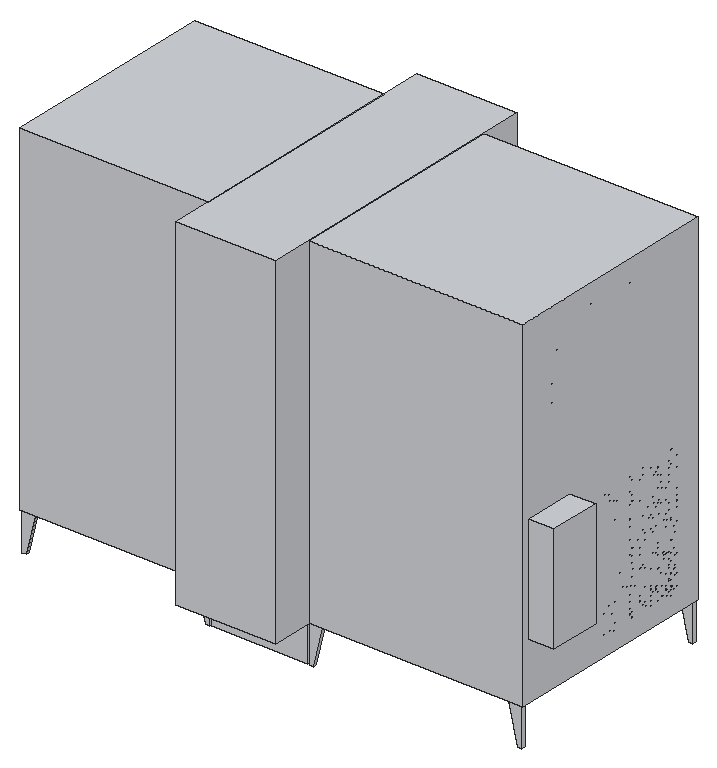
Revit family "AHU 5 _5", category Mechanické zařízení, Revit 2018
Family settings
  Kóta kulaté spojky = Použít průměr
  Typ dílu = Normální
  Číslo OmniClass = 23.75.00.00
  Nadpis OmniClass = Climate Control (HVAC)
  Založené na pracovní rovině = Ne
  Vždy vertikální = Ano
  Ořezat dutým tvarem při načtení = Ne
  Sdílené = Ne
  Bod výpočtu místnosti = Ne
Parameters (values of type "DUPLEXVENT 8000 Rotary")
  Width [instance] = 1.6 mm
  Weight [instance] = 938.00 kg
  URL = ""
  Type [instance] = "DUPLEXVENT 8000 Rotary"
  Total_SFP [instance] = 0
  Supply_outlet_hum [instance] = 90
  Supply_inlet_hum [instance] = 90
  Supply_ext_pressure [instance] = 0.0 Pa
  Supply_SFP [instance] = 0
  Source_adu_file [instance] = ""
  Recuperation_type [instance] = "Rotation regeneration exchanger"
  Recuperation_efficiency_EN308 [instance] = 0
  Project_name [instance] = ""
  Project_date [instance] = "10.8.2023"
  Power_supply_fusing [instance] = "0"
  Power_supply_cable [instance] = "0"
  Position [instance] = "AHU 5 "
  Phases_count [instance] = 3
  Panel_thickness [instance] = 0.06 mm
  Outer_surface [instance] = "RAL 9002"
  Length [instance] = 2.665 mm
  Insulation_type [instance] = "PUR"
  Insulation_thickness [instance] = 0.05 mm
  Installation_environment [instance] = ""
  Input_power_max [instance] = 10400 W
  Inner_surface [instance] = "Pozink"
  I2 [instance] = I1  # 0.0 L/s
  Height [instance] = 1.82 mm
  Exhaust_outlet_hum [instance] = 40
  Exhaust_inlet_hum [instance] = 40
  Exhaust_ext_pressure [instance] = 0.0 Pa
  Exhaust_SFP [instance] = 0
  E1 [instance] = E2 - M1  # 0.0 L/s
  E2 [instance] = 0.0 L/s
  I1 [instance] = 0.0 L/s
  Description = ""
  M1 [instance] = 0.0 L/s
  Device_dutypoint_version [instance] = "0"
  Device_design_version [instance] = "9"
  Device_adu_id [instance] = "5"
  Current_max [instance] = 16.8 A
  Casing_mat [instance] = "painted zinc layer"
  Cable type [instance] = "CYKY 5Jx4"
Reference planes
  plane 1 "Střed (vpředu/vzadu)": y = 0
  plane 2 "ref": z = 0
  plane 3 "Střed (vlevo/vpravo)": x = 0
Forms (mm)
  Sweep 1, solid
    path origin (0, 0, 0) x (0, 0, 1) y (1, 0, 0)
      loop
        line (0, 0) -> (1820, 0)
    profile origin (0, 0, 0) x (1, 0, 0) y (0, 1, 0)
      loop
        line (0, 0) -> (1000, 0) -> (1000, 1160) -> (0, 1160) -> (0, 0)
  Sweep 2, solid
    path origin (0, 0, 0) x (0, 0, 1) y (1, 0, 0)
      loop
        line (0, 0) -> (1820, 0)
    profile origin (0, 0, 0) x (1, 0, 0) y (0, 1, 0)
      loop
        line (1000, -220) -> (1530, -220) -> (1530, 1380) -> (1000, 1380) -> (1000, -220)
  Sweep 3, solid
    path origin (0, 0, 0) x (0, 0, 1) y (1, 0, 0)
      loop
        line (0, 0) -> (1820, 0)
    profile origin (0, 0, 0) x (1, 0, 0) y (0, 1, 0)
      loop
        line (1530, 0) -> (2665, 0) -> (2665, 1160) -> (1530, 1160) -> (1530, 0)
  Sweep 4, solid
    path origin (1, 780, 1375) x (0, 1, 0) y (-1, 0, 0)
      loop
        line (0, 0) -> (0, 1)
    profile origin (1, 780, 1375) x (0, -1, 0) y (0, 0, 1)
      loop
        line (-250, -350) -> (250, -350) -> (250, 350) -> (-250, 350) -> (-250, -350)
  Sweep 5, solid
    path origin (2664, 580, 1370) x (1, 0, 0) y (0, 1, 0)
      loop
        line (0, 0) -> (1, 0)
    profile origin (2664, 580, 1370) x (0, 1, 0) y (0, 0, 1)
      loop
        line (-450, 355) -> (-450, -355) -> (450, -355) -> (450, 355) -> (-450, 355)
  Sweep 6, solid
    path origin (2664, 780, 445) x (1, 0, 0) y (0, 1, 0)
      loop
        line (0, 0) -> (1, 0)
    profile origin (2664, 780, 445) x (0, 1, 0) y (0, 0, 1)
      loop
        line (-250, 350) -> (-250, -350) -> (250, -350) -> (250, 350) -> (-250, 350)
  Sweep 7, solid
    path origin (1, 580, 450) x (0, 1, 0) y (-1, 0, 0)
      loop
        line (0, 0) -> (0, 1)
    profile origin (1, 580, 450) x (0, -1, 0) y (0, 0, 1)
      loop
        line (-450, -355) -> (450, -355) -> (450, 355) -> (-450, 355) -> (-450, -355)
  Sweep 8, solid
    path origin (17, 20, 0) x (1, 0, 0) y (0, 1, 0)
      loop
        line (0, 0) -> (0, -15)
    profile origin (17, 20, 0) x (1, 0, 0) y (0, 0, 1)
      loop
        line (-11, 0) -> (-11, -200) -> (11, -200) -> (60, 0) -> (-11, 0)
  Sweep 9, solid
    path origin (989, 20, 0) x (1, 0, 0) y (0, 1, 0)
      loop
        line (0, 0) -> (0, -15)
    profile origin (989, 20, 0) x (1, 0, 0) y (0, 0, 1)
      loop
        line (-60, 0) -> (-11, -200) -> (11, -200) -> (11, 0) -> (-60, 0)
  Sweep 10, solid
    path origin (17, 1155, 0) x (1, 0, 0) y (0, 1, 0)
      loop
        line (0, 0) -> (0, -15)
    profile origin (17, 1155, 0) x (1, 0, 0) y (0, 0, 1)
      loop
        line (-11, 0) -> (-11, -200) -> (11, -200) -> (60, 0) -> (-11, 0)
  Sweep 11, solid
    path origin (989, 1155, 0) x (1, 0, 0) y (0, 1, 0)
      loop
        line (0, 0) -> (0, -15)
    profile origin (989, 1155, 0) x (1, 0, 0) y (0, 0, 1)
      loop
        line (-60, 0) -> (-11, -200) -> (11, -200) -> (11, 0) -> (-60, 0)
  Sweep 12, solid
    path origin (1265, 66, 0) x (1, 0, 0) y (0, 1, 0)
      loop
        line (0, 0) -> (0, -58)
    profile origin (1265, 66, 0) x (1, 0, 0) y (0, 0, 1)
      loop
        line (-256, 0) -> (-256, -200) -> (256, -200) -> (256, 0) -> (-256, 0)
  Sweep 13, solid
    path origin (1265, 1153, 0) x (1, 0, 0) y (0, 1, 0)
      loop
        line (0, 0) -> (0, -58)
    profile origin (1265, 1153, 0) x (1, 0, 0) y (0, 0, 1)
      loop
        line (-256, 0) -> (-256, -200) -> (256, -200) -> (256, 0) -> (-256, 0)
  Sweep 14, solid
    path origin (1542, 20, 0) x (1, 0, 0) y (0, 1, 0)
      loop
        line (0, 0) -> (0, -15)
    profile origin (1542, 20, 0) x (1, 0, 0) y (0, 0, 1)
      loop
        line (-11, 0) -> (-11, -200) -> (11, -200) -> (60, 0) -> (-11, 0)
  Sweep 15, solid
    path origin (2648, 20, 0) x (1, 0, 0) y (0, 1, 0)
      loop
        line (0, 0) -> (0, -15)
    profile origin (2648, 20, 0) x (1, 0, 0) y (0, 0, 1)
      loop
        line (-60, 0) -> (-11, -200) -> (11, -200) -> (11, 0) -> (-60, 0)
  Sweep 16, solid
    path origin (1542, 1155, 0) x (1, 0, 0) y (0, 1, 0)
      loop
        line (0, 0) -> (0, -15)
    profile origin (1542, 1155, 0) x (1, 0, 0) y (0, 0, 1)
      loop
        line (-11, 0) -> (-11, -200) -> (11, -200) -> (60, 0) -> (-11, 0)
  Sweep 17, solid
    path origin (2648, 1155, 0) x (1, 0, 0) y (0, 1, 0)
      loop
        line (0, 0) -> (0, -15)
    profile origin (2648, 1155, 0) x (1, 0, 0) y (0, 0, 1)
      loop
        line (-60, 0) -> (-11, -200) -> (11, -200) -> (11, 0) -> (-60, 0)
  Sweep 18, solid
    path origin (0, 0, 310) x (0, 0, 1) y (1, 0, 0)
      loop
        line (0, 0) -> (570, 0)
    profile origin (0, 0, 310) x (1, 0, 0) y (0, 1, 0)
      loop
        line (2665, 35) -> (2805, 35) -> (2805, 310) -> (2665, 310) -> (2665, 35)
  Sweep 19, solid
    path origin (2735, 172, 310) x (0, -1, 0) y (0, 0, 1)
      loop
        line (0, 0) -> (0, -1)
    profile origin (2735, 172, 310) x (-1, 0, 0) y (0, -1, 0)
      loop
        circle (0, 0) r 10
Lines and regions (mm)
  model lines, style "Symbol"
    curve 1: line (1265, -220, 0) -> (1265, -220, 364)
    curve 2: line (1265, -220, 1820) -> (1265, -220, 1456)
    curve 3: line (1000, -220, 910) -> (1530, -220, 910)
    curve 4: line (0, 0, 910) -> (1000, 0, 910)
    curve 5: line (2665, 0, 910) -> (1530, 0, 910)
    curve 6: line (1053, -220, 91) -> (1053, -220, 1729)
    curve 7: line (1053, -220, 1729) -> (1477, -220, 1729)
    curve 8: line (1477, -220, 1729) -> (1477, -220, 91)
    curve 9: line (1477, -220, 91) -> (1053, -220, 91)
    curve 10: line (1053, -220, 910) -> (1477, -220, 910)
    curve 11: line (1429, -220, 740) -> (1412, -220, 582)
    curve 12: line (1412, -220, 582) -> (1385, -220, 447)
    curve 13: line (1385, -220, 447) -> (1350, -220, 343)
    curve 14: line (1350, -220, 343) -> (1309, -220, 277)
    curve 15: line (1309, -220, 277) -> (1265, -220, 255)
    curve 16: line (1265, -220, 255) -> (1221, -220, 277)
    curve 17: line (1221, -220, 277) -> (1180, -220, 343)
    curve 18: line (1180, -220, 343) -> (1145, -220, 447)
    curve 19: line (1145, -220, 447) -> (1118, -220, 582)
    curve 20: line (1118, -220, 582) -> (1101, -220, 740)
    curve 21: line (1101, -220, 740) -> (1095, -220, 910)
    curve 22: line (1095, -220, 910) -> (1101, -220, 1080)
    curve 23: line (1101, -220, 1080) -> (1118, -220, 1238)
    curve 24: line (1118, -220, 1238) -> (1145, -220, 1373)
    curve 25: line (1145, -220, 1373) -> (1180, -220, 1477)
    curve 26: line (1180, -220, 1477) -> (1221, -220, 1543)
    curve 27: line (1221, -220, 1543) -> (1265, -220, 1565)
    curve 28: line (1265, -220, 1565) -> (1309, -220, 1543)
    curve 29: line (1309, -220, 1543) -> (1350, -220, 1477)
    curve 30: line (1350, -220, 1477) -> (1385, -220, 1373)
    curve 31: line (1385, -220, 1373) -> (1412, -220, 1238)
    curve 32: line (1412, -220, 1238) -> (1429, -220, 1080)
    curve 33: line (1429, -220, 1080) -> (1369, -220, 1260)
    curve 34: line (1429, -220, 1080) -> (1437, -220, 1276)
    curve 35: line (2265, 0, 1495) -> (2556, 0, 1445)
    curve 36: line (2265, 0, 1235) -> (2556, 0, 1285)
    curve 37: line (400, 0, 325) -> (109, 0, 375)
    curve 38: line (400, 0, 585) -> (109, 0, 535)
    curve 39: line (320, 0, 1092) -> (320, 0, 1638)
    curve 40: line (320, 0, 1638) -> (480, 0, 1638)
    curve 41: line (480, 0, 1638) -> (480, 0, 1092)
    curve 42: line (480, 0, 1092) -> (320, 0, 1092)
    curve 43: line (400, 0, 1092) -> (480, 0, 1365)
    curve 44: line (400, 0, 1638) -> (480, 0, 1365)
    curve 45: line (2345, 0, 728) -> (2345, 0, 182)
    curve 46: line (2345, 0, 182) -> (2185, 0, 182)
    curve 47: line (2185, 0, 182) -> (2185, 0, 728)
    curve 48: line (2185, 0, 728) -> (2345, 0, 728)
    curve 49: line (2265, 0, 728) -> (2185, 0, 455)
    curve 50: line (2265, 0, 182) -> (2185, 0, 455)
    curve 51: line (0, -1820, 0) -> (0, -220, 0)
    curve 52: line (2665, -1820, 0) -> (2665, -220, 0)
    curve 53: line (0, -1820, 0) -> (2665, -1820, 0)
    curve 54: line (0, -1820, 1820) -> (0, -220, 1820)
    curve 55: line (2665, -1820, 1820) -> (2665, -220, 1820)
    curve 56: line (0, -1820, 1820) -> (2665, -1820, 1820)
    curve 57: line (0, -1820, 0) -> (0, -1820, 1820)
    curve 58: line (2665, -1820, 0) -> (2665, -1820, 1820)
    curve 59: line (0, -1820, 1620) -> (200, -1820, 1820)
    curve 60: line (0, -1820, 1420) -> (400, -1820, 1820)
    curve 61: line (0, -1820, 1220) -> (600, -1820, 1820)
    curve 62: line (0, -1820, 1020) -> (800, -1820, 1820)
    curve 63: line (0, -1820, 820) -> (1000, -1820, 1820)
    curve 64: line (0, -1820, 620) -> (1200, -1820, 1820)
    curve 65: line (0, -1820, 420) -> (1400, -1820, 1820)
    curve 66: line (0, -1820, 220) -> (1600, -1820, 1820)
    curve 67: line (0, -1820, 20) -> (1800, -1820, 1820)
    curve 68: line (180, -1820, 0) -> (2000, -1820, 1820)
    curve 69: line (380, -1820, 0) -> (2200, -1820, 1820)
    curve 70: line (580, -1820, 0) -> (2400, -1820, 1820)
    curve 71: line (780, -1820, 0) -> (2600, -1820, 1820)
    curve 72: line (980, -1820, 0) -> (2665, -1820, 1685)
    curve 73: line (1180, -1820, 0) -> (2665, -1820, 1485)
    curve 74: line (1380, -1820, 0) -> (2665, -1820, 1285)
    curve 75: line (1580, -1820, 0) -> (2665, -1820, 1085)
    curve 76: line (1780, -1820, 0) -> (2665, -1820, 885)
    curve 77: line (1980, -1820, 0) -> (2665, -1820, 685)
    curve 78: line (2180, -1820, 0) -> (2665, -1820, 485)
    curve 79: line (2380, -1820, 0) -> (2665, -1820, 285)
    curve 80: line (2580, -1820, 0) -> (2665, -1820, 85)
    curve 81: line (2665, -1820, 1620) -> (2665, -1620, 1820)
    curve 82: line (2665, -1820, 1420) -> (2665, -1420, 1820)
    curve 83: line (2665, -1820, 1220) -> (2665, -1220, 1820)
    curve 84: line (2665, -1820, 1020) -> (2665, -1020, 1820)
    curve 85: line (2665, -1820, 820) -> (2665, -820, 1820)
    curve 86: line (2665, -1820, 620) -> (2665, -620, 1820)
    curve 87: line (2665, -1820, 420) -> (2665, -420, 1820)
    curve 88: line (2665, -1820, 220) -> (2665, -220, 1820)
    curve 89: line (2665, -1820, 20) -> (2665, -220, 1620)
    curve 90: line (2665, -1640, 0) -> (2665, -220, 1420)
    curve 91: line (2665, -1440, 0) -> (2665, -220, 1220)
    curve 92: line (2665, -1240, 0) -> (2665, -220, 1020)
    curve 93: line (2665, -1040, 0) -> (2665, -220, 820)
    curve 94: line (2665, -840, 0) -> (2665, -220, 620)
    curve 95: line (2665, -640, 0) -> (2665, -220, 420)
    curve 96: line (2665, -440, 0) -> (2665, -220, 220)
    curve 97: line (2665, -240, 0) -> (2665, -220, 20)
    curve 98: line (0, -1620, 1820) -> (200, -1820, 1820)
    curve 99: line (0, -1420, 1820) -> (400, -1820, 1820)
    curve 100: line (0, -1220, 1820) -> (600, -1820, 1820)
    curve 101: line (0, -1020, 1820) -> (800, -1820, 1820)
    curve 102: line (0, -820, 1820) -> (1000, -1820, 1820)
    curve 103: line (0, -620, 1820) -> (1200, -1820, 1820)
    curve 104: line (0, -420, 1820) -> (1400, -1820, 1820)
    curve 105: line (0, -220, 1820) -> (1600, -1820, 1820)
    curve 106: line (200, -220, 1820) -> (1800, -1820, 1820)
    curve 107: line (400, -220, 1820) -> (2000, -1820, 1820)
    curve 108: line (600, -220, 1820) -> (2200, -1820, 1820)
    curve 109: line (800, -220, 1820) -> (2400, -1820, 1820)
    curve 110: line (1000, -220, 1820) -> (2600, -1820, 1820)
    curve 111: line (1200, -220, 1820) -> (2665, -1685, 1820)
    curve 112: line (1400, -220, 1820) -> (2665, -1485, 1820)
    curve 113: line (1600, -220, 1820) -> (2665, -1285, 1820)
    curve 114: line (1800, -220, 1820) -> (2665, -1085, 1820)
    curve 115: line (2000, -220, 1820) -> (2665, -885, 1820)
    curve 116: line (2200, -220, 1820) -> (2665, -685, 1820)
    curve 117: line (2400, -220, 1820) -> (2665, -485, 1820)
    curve 118: line (2600, -220, 1820) -> (2665, -285, 1820)
    curve 119: line (3405, 0, 0) -> (2665, 0, 0)
    curve 120: line (3405, 1160, 0) -> (2665, 1160, 0)
    curve 121: line (3405, 0, 0) -> (3405, 1160, 0)
    curve 122: line (3405, 0, 1820) -> (2665, 0, 1820)
    curve 123: line (3405, 1160, 1820) -> (2665, 1160, 1820)
    curve 124: line (3405, 0, 1820) -> (3405, 1160, 1820)
    curve 125: line (3405, 0, 0) -> (3405, 0, 1820)
    curve 126: line (3405, 1160, 0) -> (3405, 1160, 1820)
    curve 127: line (3405, 0, 1620) -> (3405, 200, 1820)
    curve 128: line (3405, 0, 1420) -> (3405, 400, 1820)
    curve 129: line (3405, 0, 1220) -> (3405, 600, 1820)
    curve 130: line (3405, 0, 1020) -> (3405, 800, 1820)
    curve 131: line (3405, 0, 820) -> (3405, 1000, 1820)
    curve 132: line (3405, 0, 620) -> (3405, 1160, 1780)
    curve 133: line (3405, 0, 420) -> (3405, 1160, 1580)
    curve 134: line (3405, 0, 220) -> (3405, 1160, 1380)
    curve 135: line (3405, 0, 20) -> (3405, 1160, 1180)
    curve 136: line (3405, 180, 0) -> (3405, 1160, 980)
    curve 137: line (3405, 380, 0) -> (3405, 1160, 780)
    curve 138: line (3405, 580, 0) -> (3405, 1160, 580)
    curve 139: line (3405, 780, 0) -> (3405, 1160, 380)
    curve 140: line (3405, 980, 0) -> (3405, 1160, 180)
    curve 141: line (3405, 1160, 1620) -> (3205, 1160, 1820)
    curve 142: line (3405, 1160, 1420) -> (3005, 1160, 1820)
    curve 143: line (3405, 1160, 1220) -> (2805, 1160, 1820)
    curve 144: line (3405, 1160, 1020) -> (2665, 1160, 1760)
    curve 145: line (3405, 1160, 820) -> (2665, 1160, 1560)
    curve 146: line (3405, 1160, 620) -> (2665, 1160, 1360)
    curve 147: line (3405, 1160, 420) -> (2665, 1160, 1160)
    curve 148: line (3405, 1160, 220) -> (2665, 1160, 960)
    curve 149: line (3405, 1160, 20) -> (2665, 1160, 760)
    curve 150: line (3225, 1160, 0) -> (2665, 1160, 560)
    curve 151: line (3025, 1160, 0) -> (2665, 1160, 360)
    curve 152: line (2825, 1160, 0) -> (2665, 1160, 160)
    curve 153: line (3205, 0, 1820) -> (3405, 200, 1820)
    curve 154: line (3005, 0, 1820) -> (3405, 400, 1820)
    curve 155: line (2805, 0, 1820) -> (3405, 600, 1820)
    curve 156: line (2665, 60, 1820) -> (3405, 800, 1820)
    curve 157: line (2665, 260, 1820) -> (3405, 1000, 1820)
    curve 158: line (2665, 460, 1820) -> (3365, 1160, 1820)
    curve 159: line (2665, 660, 1820) -> (3165, 1160, 1820)
    curve 160: line (2665, 860, 1820) -> (2965, 1160, 1820)
    curve 161: line (2665, 1060, 1820) -> (2765, 1160, 1820)
    curve 162: line (0, 0, 2420) -> (0, 0, 1820)
    curve 163: line (2665, 0, 2420) -> (2665, 0, 1820)
    curve 164: line (0, 0, 2420) -> (2665, 0, 2420)
    curve 165: line (0, 1160, 2420) -> (0, 1160, 1820)
    curve 166: line (2665, 1160, 2420) -> (2665, 1160, 1820)
    curve 167: line (0, 1160, 2420) -> (2665, 1160, 2420)
    curve 168: line (0, 0, 2420) -> (0, 1160, 2420)
    curve 169: line (2665, 0, 2420) -> (2665, 1160, 2420)
    curve 170: line (0, 960, 2420) -> (200, 1160, 2420)
    curve 171: line (0, 760, 2420) -> (400, 1160, 2420)
    curve 172: line (0, 560, 2420) -> (600, 1160, 2420)
    curve 173: line (0, 360, 2420) -> (800, 1160, 2420)
    curve 174: line (0, 160, 2420) -> (1000, 1160, 2420)
    curve 175: line (40, 0, 2420) -> (1200, 1160, 2420)
    curve 176: line (240, 0, 2420) -> (1400, 1160, 2420)
    curve 177: line (440, 0, 2420) -> (1600, 1160, 2420)
    curve 178: line (640, 0, 2420) -> (1800, 1160, 2420)
    curve 179: line (840, 0, 2420) -> (2000, 1160, 2420)
    curve 180: line (1040, 0, 2420) -> (2200, 1160, 2420)
    curve 181: line (1240, 0, 2420) -> (2400, 1160, 2420)
    curve 182: line (1440, 0, 2420) -> (2600, 1160, 2420)
    curve 183: line (1640, 0, 2420) -> (2665, 1025, 2420)
    curve 184: line (1840, 0, 2420) -> (2665, 825, 2420)
    curve 185: line (2040, 0, 2420) -> (2665, 625, 2420)
    curve 186: line (2240, 0, 2420) -> (2665, 425, 2420)
    curve 187: line (2440, 0, 2420) -> (2665, 225, 2420)
    curve 188: line (2640, 0, 2420) -> (2665, 25, 2420)
    curve 189: line (2665, 960, 2420) -> (2665, 1160, 2220)
    curve 190: line (2665, 760, 2420) -> (2665, 1160, 2020)
    curve 191: line (2665, 560, 2420) -> (2665, 1160, 1820)
    curve 192: line (2665, 360, 2420) -> (2665, 960, 1820)
    curve 193: line (2665, 160, 2420) -> (2665, 760, 1820)
    curve 194: line (2665, 0, 2380) -> (2665, 560, 1820)
    curve 195: line (2665, 0, 2180) -> (2665, 360, 1820)
    curve 196: line (2665, 0, 1980) -> (2665, 160, 1820)
    curve 197: line (0, 1160, 2220) -> (200, 1160, 2420)
    curve 198: line (0, 1160, 2020) -> (400, 1160, 2420)
    curve 199: line (0, 1160, 1820) -> (600, 1160, 2420)
    curve 200: line (200, 1160, 1820) -> (800, 1160, 2420)
    curve 201: line (400, 1160, 1820) -> (1000, 1160, 2420)
    curve 202: line (600, 1160, 1820) -> (1200, 1160, 2420)
    curve 203: line (800, 1160, 1820) -> (1400, 1160, 2420)
    curve 204: line (1000, 1160, 1820) -> (1600, 1160, 2420)
    curve 205: line (1200, 1160, 1820) -> (1800, 1160, 2420)
    curve 206: line (1400, 1160, 1820) -> (2000, 1160, 2420)
    curve 207: line (1600, 1160, 1820) -> (2200, 1160, 2420)
    curve 208: line (1800, 1160, 1820) -> (2400, 1160, 2420)
    curve 209: line (2000, 1160, 1820) -> (2600, 1160, 2420)
    curve 210: line (2200, 1160, 1820) -> (2665, 1160, 2285)
    curve 211: line (2400, 1160, 1820) -> (2665, 1160, 2085)
    curve 212: line (2600, 1160, 1820) -> (2665, 1160, 1885)
    curve 213: circle (2392, 0, 1365) r 182 normal (0, -1, 0)
    curve 214: circle (273, 0, 455) r 182 normal (0, -1, 0)
Dimensions and locks
  aligned and locked: level to plane 2 "ref"
Connectors
  hvac at (0, 780, 1375), driven by "E1"
    settings: on Sweep 4, index 1, duct flow 0.0 L/s, flow factor 0, pres drop 0.0 Pa, loss coef 0, conn angle 0.00°, conn width 500 mm, conn height 700 mm, conn diameter 609.6 mm, duct sys type 1, conn prof type 1, flow config 1, flow direction 1, loss method 0, conn ref index -1, conn util no, is conn primary yes, conn desc ""
  hvac at (2665, 580, 1370), driven by "E2"
    settings: on Sweep 5, index 2, duct flow 0.0 L/s, flow factor 1, pres drop 0.0 Pa, loss coef 0, conn angle 0.00°, conn width 900 mm, conn height 710 mm, conn diameter 609.6 mm, duct sys type 1, conn prof type 1, flow config 2, flow direction 2, loss method 0, conn ref index -1, conn util no, is conn primary no, conn desc ""
  hvac at (2665, 780, 445), driven by "I1"
    settings: on Sweep 6, index 3, duct flow 0.0 L/s, flow factor 1, pres drop 0.0 Pa, loss coef 0, conn angle 0.00°, conn width 500 mm, conn height 700 mm, conn diameter 609.6 mm, duct sys type 3, conn prof type 1, flow config 2, flow direction 1, loss method 0, conn ref index -1, conn util no, is conn primary no, conn desc ""
  hvac at (0, 580, 450), driven by "I2"
    settings: on Sweep 7, index 4, duct flow 0.0 L/s, flow factor 0, pres drop 0.0 Pa, loss coef 0, conn angle 0.00°, conn width 900 mm, conn height 710 mm, conn diameter 609.6 mm, duct sys type 3, conn prof type 1, flow config 1, flow direction 2, loss method 0, conn ref index -1, conn util no, is conn primary no, conn desc ""
  electrical at (2735, 172, 309)
    settings: on Sweep 19, index 5, voltage 400 V, apparent load 0 VA, apparent load phase1 0 VA, apparent load phase2 0 VA, apparent load phase3 0 VA, power factor 1, load classification "Další", number of poles 3, system type 31, power factor state 1, is connector primary yes, connector utility no, sub classification motor no, connector description ""
